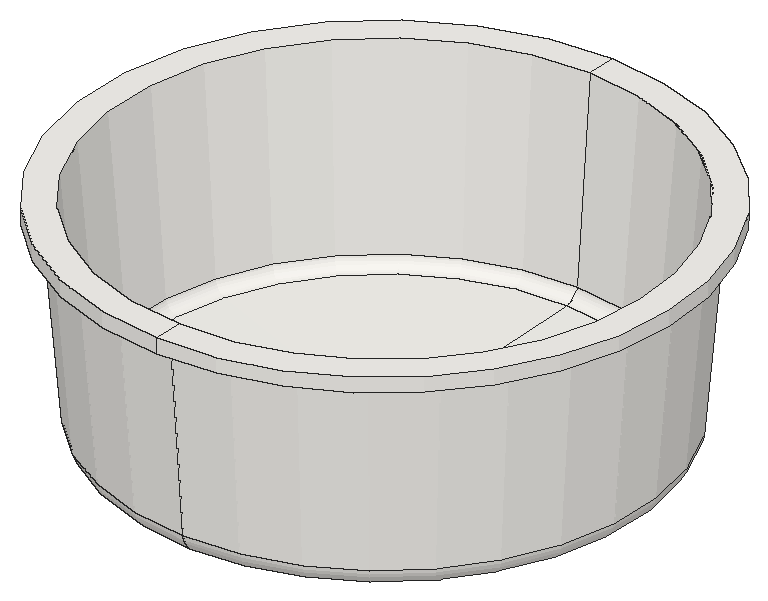
Revit family "Sink-Corian-European-Rounded-9310", category Plumbing Fixtures, host Face, Revit 2015
Parameters (values of type "9310")
  Width = 500 mm
  WFU = 0
  Version = "2015 - v1.0a"  # constant formula
  URL = "http://www.corian.uk/"
  Sink Colors Available = "Designer White, Glacier White"
  Product Page URL = "http://www.corian.uk/-kitchen-sinks-"
  Model = "Rounded 9310"  # constant formula
  Manufacturer = "DuPont"  # constant formula
  Length = 500 mm
  Interior Width = 450 mm
  Interior Length = 450 mm
  Interior Depth = 176 mm
  HWFU = 0
  Finish = Solid Surface Sink - DuPont - Glacier White
  Description = "Kitchen Sink Europe Specification"  # constant formula
  Depth = 195 mm
  Default Elevation = 1219.2 mm
  Cost = 0
  CWFU = 0
Reference planes
  plane 1 "Center (Front/Back)": y = 0
  plane 2: z = 0
  plane 3 "Center (Left/Right)": x = 0
  plane 4: y = 250
  plane 5: y = -250
  plane 6: x = -250
  plane 7: x = 250
  plane 8: z = -188
  plane 9: x = -225
  plane 10: x = 225
  plane 11: y = 225
  plane 12: y = -225
  plane 13 "NAME": z = -12
  plane 14: z = -207
Forms (mm)
  Extrusion 1, void
    sketch origin (0, 0, 0) x (1, 0, 0) y (0, 1, 0)
      loop
        circle (0, 0) r 225
    from -207 to 0
  Revolve 2, solid, material "Solid Surface Sink - DuPont - Glacier White" <- "Finish"
    sketch origin (0, 0, 0) x (0, 1, 0) y (0, 0, 1)
      loop
        line (250, -12) -> (225, -12) -> (210.839, -173.864)
        arc (210.839, -173.864) -> (207.057, -180.655) -> (199.885, -183.651) r 11.872
        line (199.885, -183.651) -> (60, -188) -> (49.068, -193.098) -> (49.068, -207) -> (60, -207) -> (65.488, -201.512) -> (202.164, -197.263)
        arc (202.164, -197.263) -> (214.743, -192.008) -> (221.375, -180.098) r 20.821
        line (221.375, -180.098) -> (235, -24.368) -> (250, -24.368) -> (250, -12)
      axis (0, -12) -> (0, -207)
    angle from 0 to 360
Lines and regions (mm)
  Masking region 1, detail levels medium+fine
    outline origin (177.935, -4572, -12) x (-1, 0, 0) y (0, -1, 0)
      loop
        circle (177.935, -4572) r 45
  Masking region 2
    outline origin (500, 0, 0) x (1, 0, 0) y (0, 1, 0)
      loop
        circle (-500, 0) r 225
  Masking region 3, detail levels fine
    outline origin (500, 0, 0) x (1, 0, 0) y (0, 1, 0)
      loop
        circle (-500, 0) r 199.885
Dimensions and locks
  equal spacing: plane 4, plane 1 "Center (Front/Back)", plane 5
  equal spacing: plane 6, plane 3 "Center (Left/Right)", plane 7
  "Length": plane 4 to plane 5
  "Width": plane 6 to plane 7
  equal spacing: plane 9, plane 3 "Center (Left/Right)", plane 10
  equal spacing: plane 11, plane 1 "Center (Front/Back)", plane 12
  "Interior Width": plane 9 to plane 10
  "Interior Length": plane 11 to plane 12
  locked: plane 2 to plane 13 "NAME" at 12
  "Interior Depth": plane 13 "NAME" to plane 8
  "Depth": plane 13 "NAME" to plane 14
  "Interior Width": diameter of Extrusion 1 sketch curve
  "Interior Width": diameter of Masking region 2 sketch curve
  diameter of Masking region 3 sketch curve = 399.769 mm
  aligned and locked: plane 2 to host face
  aligned and locked: level to host face
  aligned and locked: level to Extrusion 1
  aligned and locked: Extrusion 1 to plane 14
  aligned and locked: plane 3 "Center (Left/Right)" to Masking region 1 sketch curve
  aligned and locked: Revolve 2 sketch curve to plane 1 "Center (Front/Back)"
  aligned and locked: plane 13 "NAME" to Revolve 2 sketch curve
  aligned and locked: plane 14 to Revolve 2 sketch curve
  aligned and locked: plane 3 "Center (Left/Right)" to Extrusion 1 sketch curve
  aligned and locked: plane 1 "Center (Front/Back)" to Extrusion 1 sketch curve
  aligned and locked: plane 3 "Center (Left/Right)" to Masking region 2 sketch curve
  aligned and locked: plane 1 "Center (Front/Back)" to Masking region 2 sketch curve
  aligned and locked: plane 3 "Center (Left/Right)" to Masking region 3 sketch curve
  aligned and locked: plane 1 "Center (Front/Back)" to Masking region 3 sketch curve
  aligned and locked: plane 1 "Center (Front/Back)" to Masking region 1 sketch curve
Automatic sketch dimensions
  host sketch curve to host sketch curve = 2438.4 mm  (x2)
  Masking region 1 sketch curve to plane 1 "Center (Front/Back)" = 45 mm
  Revolve 2 sketch curve to plane 14 = 0 mm
  Revolve 2 sketch curve to plane 8 = 0 mm
  Revolve 2 sketch curve to plane 11 = 0 mm
  Revolve 2 sketch curve to plane 4 = 0 mm
  Revolve 2 sketch curve to plane 13 "NAME" = 0 mm
  Revolve 2 sketch curve to plane 8 = 5.098 mm
  Revolve 2 sketch curve to Revolve 2 sketch curve = 10.932 mm  (x2)
  plane 14 to Revolve 2 sketch curve = 5.488 mm
  Revolve 2 sketch curve to Revolve 2 sketch curve = 5.488 mm
  Revolve 2 sketch curve to Revolve 2 sketch curve = 1.724 mm
  Revolve 2 sketch curve to Revolve 2 sketch curve = 9.968 mm
  Revolve 2 sketch curve to plane 11 = 22.836 mm
  plane 11 to Revolve 2 sketch curve = 10 mm
  plane 8 to Revolve 2 sketch curve = 7.902 mm
  Revolve 2 sketch curve to Revolve 2 sketch curve = 4.68 mm
  Revolve 2 sketch curve to Revolve 2 sketch curve = 2.618 mm
  Revolve 2 sketch curve to plane 13 "NAME" = 12.368 mm
  plane 8 to Revolve 2 sketch curve = 4.349 mm
  Revolve 2 sketch curve to plane 11 = 3.625 mm
  Revolve 2 sketch curve to Revolve 2 sketch curve = 13.611 mm
  Revolve 2 sketch curve to Revolve 2 sketch curve = 7.169 mm
  Revolve 2 sketch curve to plane 1 "Center (Front/Back)" = 49.068 mm
Connectors
  piping at (0, 0, -207), diameter 90
    settings: on Revolve 2, index 1, connector inside diameter 24", connector length 0 mm, flow factor 0, pipe flow 0 GPM, pressure drop 0.00 psi, fitting loss kfactor 0, connector angle 0.00°, fixture units 0, engagement length 0 mm, angle of deflection 0.00°, flow configuration 0, flow direction 2, fitting loss method 0, system type 16, joint type 0, gender type 0, connector reference index -1, connector utility 0, adjustable connector no, is connector primary yes, connector description "Drain"
